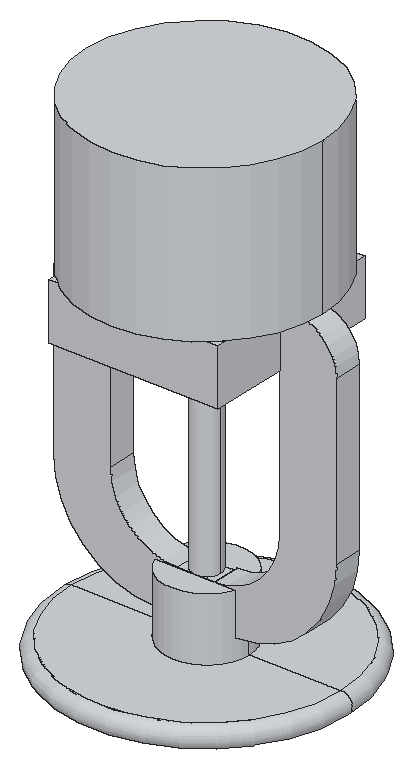
Revit family
Parameters (values of type "RASCO F1FR-300 PENDENT")
  Temperature Rating = 155 °F
  Response = 1
  RASCO SIN # = "R5612"
  RASCO Part # = "F1FRP1LB3"
  Pressure Rating = "300 PSI"
  Pressure Class = 1
  Orifice Size = 17/32"
  Orifice = (empty or 0)
  Model = "F1FR-300"
  Manufacturer = "RASCO"
  K-Factor = 8
  Description = "Bronze Finish"
  Coverage = (empty or 0)
Reference planes (in)
  plane 1 "Center (Front/Back)": y = 0
  plane 2: z = 0
  plane 3 "Center (Left/Right)": x = 0
Dimensions and locks (in)
  aligned and locked: plane 2 to level
Nested families (in)
  nested 1: "F1FRP1LB3" at (-0.01148, -1.2509, 2.4375) x (-1, 0, 0) z (0, 0, -1), type "RASCO F1FR-300 PENDENT"
Connectors (in)
  piping at (-0.01148, -1.2509, 2.4375)
    settings: on nested 1, index 1, connector radius 1/2", flow factor 0, pipe flow 0 GPM, pressure drop 0.00 psi, fitting loss kfactor 0, connector angle 0.00°, fixture units 0, flow configuration 0, flow direction 0, fitting loss method 0, system type 7, connector reference index -1, connector utility 0, adjustable connector no, is connector primary yes, fitting loss table "", connector description ""
Definition of nested family "F1FRP1LB3"
  Parameters (values of type "RASCO F1FR-300 PENDENT")
    Type Comments = ""
    Temperature Rating = 0 °F
    Response = (empty or 0)
    Pressure Rating = "0"
    Pressure Class = (empty or 0)
    Orifice Size = 0"
    Orifice = (empty or 0)
    Model = ""
    Manufacturer = ""
    K-Factor = 0
    Description = ""
    Coverage = (empty or 0)
    Assembly Code = ""
  Reference planes (in)
    plane 1 "Center (Front/Back)": y = 0
    plane 2: z = 0
    plane 3 "ref.2": z = 0.6875
    plane 4 "ref.3": z = 0.9375
    plane 5: x = -0.38065
    plane 6: x = 0.36935
    plane 7 "ref. side 1": y = 0.06402
    plane 8 "ref. side 2": y = -0.06098
    plane 9 "ref.4": z = 1.875
    plane 10 "ref.5": z = 2.3125
    plane 11 "ref.6": z = 2.4375
  Forms (in)
    Extrusion 1, solid
      sketch origin (0, 0, 0) x (1, 0, 0) y (0, 1, 0)
        loop
          circle (0, 0) r 0.5221
      from 0 to 0.6875
    Extrusion 2, solid
      sketch origin (-0.12185, 0.05177, 0.6875) x (1, 0, 0) y (0, 1, 0)
        loop
          line (-0.2588, 0.356) -> (-0.2588, -0.4565) -> (0.4912, -0.4565) -> (0.4912, 0.356) -> (-0.2588, 0.356)
      from 0 to 0.25
    Extrusion 3, solid
      sketch origin (0, 0, 0) x (1, 0, 0) y (0, 0, 1)
        loop
          line (-0.38065, 0.69674) -> (-0.38065, 1.58397)
          arc (-0.38065, 1.58397) -> (-0.29541, 1.78976) -> (-0.08962, 1.875) r 0.29103
          line (-0.08962, 1.875) -> (0.07524, 1.875)
          arc (0.07524, 1.875) -> (0.28321, 1.78886) -> (0.36935, 1.58089) r 0.29411
          line (0.36935, 1.58089) -> (0.36935, 0.69728)
          arc (0.36935, 0.69728) -> (0.54046, 0.72329) -> (0.61935, 0.87734) r 0.18984
          line (0.61935, 0.87734) -> (0.61935, 1.61676)
          arc (0.61935, 1.61676) -> (0.48879, 1.93194) -> (0.17361, 2.0625) r 0.44574
          line (0.17361, 2.0625) -> (-0.18509, 2.0625)
          arc (-0.18509, 2.0625) -> (-0.50015, 1.932) -> (-0.63065, 1.61694) r 0.44556
          line (-0.63065, 1.61694) -> (-0.63065, 0.87876)
          arc (-0.63065, 0.87876) -> (-0.55196, 0.72414) -> (-0.38065, 0.69674) r 0.19126
      from -0.06402 to 0.06098
    Extrusion 4, solid
      sketch origin (0, 0, 0.9375) x (-1, 0, 0) y (0, -1, 0)
        loop
          circle (0.00574, -0.00152) r 0.0625
      from 0 to 0.9375
    Extrusion 5, solid
      sketch origin (0, 0, 1.875) x (-1, 0, 0) y (0, -1, 0)
        loop
          circle (0.00574, -0.00152) r 0.1875
      from 0 to 0.4375
    Revolve 6, solid
      sketch origin (0, 0, -0.2777) x (1, 0, 0) y (0, 0, 1)
        loop
          line (-0.19324, 2.43178) -> (-0.19324, 2.52696) -> (-0.60258, 2.52696)
          arc (-0.60258, 2.52696) -> (-0.65017, 2.47937) -> (-0.60258, 2.43178) r 0.04759
          line (-0.60258, 2.43178) -> (-0.19324, 2.43178)
        axis (-0.00574, 2.43178) -> (-0.00574, 2.52696)
      angle from 0 to 360
  Cuts and joins
    joined: Extrusion 1, Extrusion 2, Extrusion 4, Revolve 6
  Lines and regions (in)
    model lines
      curve 1: line (-0.00574, 0.06402, 1.875) -> (-0.00574, -0.06098, 1.875)
  Dimensions and locks (in)
    Extrusion 3 to Extrusion 3 = 0' - 1 1/4"
    Extrusion 5 to cut or joined group of Extrusion 1, Extrusion 2, Extrusion 4, Revolve 6 = 0' - 2 5/16"
